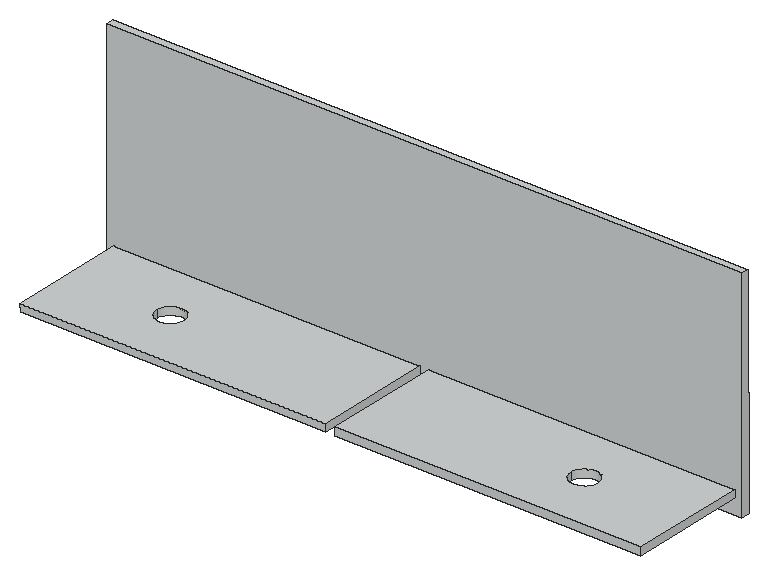
Revit family "Specialty_Equipment-Metal_Raceway-Hubbell_Wiring-Blank_End_Fitting-HBLALU5010B", category Specialty Equipment, host Face, Revit 2015
Parameters
  URL = "http://www.hubbell-wiring.com/"
  Product data url = "https://bimobject.com/hubbellwiring/product/hubbell-metal-raceway-alu5000"
  Product Page URL = "http://ecatalog.hubbell-wiring.com/ProductInformation/ViewCatalog.aspx?Dest=hubbell-wiring.com/press/catalog/r.pdf"
  Product Documentation Link = "http://www.hubbell-wiring.com/press/pdfs/h5233r08.pdf"
  Model = "HBLALU5010B"
  Manufacturer = "Hubbell Wiring Device Kellems"  # constant formula
  Host Note = "Add in Section View; Host to Wall"  # constant formula
  Description = "Blank End Fitting"  # constant formula
  Default Elevation = 0.00"
  Cable Tray Material = Metal-Hubbell-Aluminium
  B = 1.75"
  Assembly Code = "D5090900"
  A = 5.08"
Reference planes (in)
  plane 1 "Outside": y = 0
  plane 2 "Wall": z = 0
  plane 3 "Left": x = -0.165
  plane 4 "Right": x = 4.915
  plane 5 "Center": x = 2.375
  plane 6 "Edge of Top": y = -0.0625
  plane 7 "Edge Of Base": y = -1.34715
  plane 8: z = 0.12
  plane 9: z = 1.44937
  plane 10: z = 1.75
  plane 11: z = 0.18
  plane 12: x = -0.105
  plane 13: x = 4.855
  plane 14: y = -1
  plane 15: y = -0.53
  plane 16: x = 0.72
  plane 17: x = 4.03
Forms (in)
  Extrusion 1, solid, material "Metal-Hubbell-Aluminium" <- "Cable Tray Material"
    sketch origin (0, 0, 0) x (1, 0, 0) y (0, 0, 1)
      loop
        line (-0.165, 0) -> (4.915, 0) -> (4.915, 1.75) -> (-0.165, 1.75) -> (-0.165, 0)
    from 0 to 0.0625
  Extrusion 2, solid, material "Metal-Hubbell-Aluminium" <- "Cable Tray Material"
    sketch origin (0, 0, 0) x (1, 0, 0) y (0, 0, 1)
      loop
        line (-0.105, 0.12) -> (4.855, 0.12) -> (4.855, 0.18) -> (-0.105, 0.18) -> (-0.105, 0.12)
    from 0 to 1
  Extrusion 3, void, detail levels medium+fine
    sketch origin (-1.655, 0, 0) x (1, 0, 0) y (0, 1, 0)
      loop
        circle (2.375, -0.53) r 0.11
    from 0.12 to 0.18
  Extrusion 4, void, detail levels medium+fine
    sketch origin (6.405, 0, 0) x (-1, 0, 0) y (0, -1, 0)
      loop
        circle (2.375, 0.53) r 0.11
    from 0.12 to 0.18
  Extrusion 5, void
    sketch origin (0, 0, 0) x (1, 0, 0) y (0, 1, 0)
      loop
        line (2.3393, -0.0625) -> (2.3393, -1) -> (2.4107, -1) -> (2.4107, -0.0625) -> (2.3393, -0.0625)
    from 0.12 to 0.18
Cuts and joins
  Extrusion 4, Extrusion 5 cuts Extrusion 1
  Extrusion 3, Extrusion 4, Extrusion 5 cuts Extrusion 2
  joined: Extrusion 1, Extrusion 2
Lines and regions (in)
  reference lines
    curve 1: line (-0.165, 0, 1.75) -> (4.915, 0, 1.75)
    curve 2: line (-0.165, 0, 0) -> (-0.165, 0, 1.75)
    curve 3: line (4.915, 0, 0) -> (-0.165, 0, 0)
    curve 4: line (4.915, 0, 1.75) -> (4.915, 0, 0)
    curve 5: line (-0.105, 0, 0.18) -> (4.855, 0, 0.18)
    curve 6: line (-0.105, 0, 0.12) -> (-0.105, 0, 0.18)
    curve 7: line (4.855, 0, 0.12) -> (-0.105, 0, 0.12)
    curve 8: line (4.855, 0, 0.18) -> (4.855, 0, 0.12)
  symbolic lines
    curve 9: line (4.915, 0, 1.75) -> (-0.165, 0, 1.75)
    curve 10: line (-0.165, 0, 1.75) -> (-0.165, 0, 0)
    curve 11: line (-0.165, 0, 0) -> (4.915, 0, 0)
    curve 12: line (4.915, 0, 0) -> (4.915, 0, 1.75)
    curve 15: line (-0.165, 0, 0) -> (-0.165, 0, 1.75)
    curve 16: line (-0.165, -0.0625, 1.75) -> (-0.165, -0.0625, 0)
    curve 17: line (-0.165, 0, 1.75) -> (-0.165, -0.0625, 1.75)
    curve 18: line (-0.165, -0.0625, 0) -> (-0.165, 0, 0)
    curve 19: line (-0.165, -1, 0.12) -> (-0.165, 0, 0.12)
    curve 20: line (-0.165, 0, 0.18) -> (-0.165, -1, 0.18)
    curve 21: line (-0.165, -1, 0.18) -> (-0.165, -1, 0.12)
  symbolic lines, detail levels fine
    curve 13: line (-0.105, 0, 0.18) -> (-0.105, 0, 0.12)
    curve 14: line (4.855, 0, 0.12) -> (4.855, 0, 0.18)
    curve 33: line (-0.105, 0, 0.12) -> (4.855, 0, 0.12)
    curve 38: arc (0.83, -0.53, 0) -> (0.72, -0.42, 0) -> (0.61, -0.53, 0) r 0.11
    curve 39: arc (0.61, -0.53, 0) -> (0.72, -0.64, 0) -> (0.83, -0.53, 0) r 0.11
    curve 40: line (2.3393, -0.0625, 0) -> (2.3393, -1, 0)
    curve 41: line (2.4107, -1, 0) -> (2.4107, -0.0625, 0)
    curve 42: arc (3.92, -0.53, 0) -> (4.03, -0.64, 0) -> (4.14, -0.53, 0) r 0.11
    curve 43: arc (4.14, -0.53, 0) -> (4.03, -0.42, 0) -> (3.92, -0.53, 0) r 0.11
  symbolic lines, style "Symbolic lines"
    curve 22: line (4.915, 0, 0) -> (-0.165, 0, 0)
    curve 23: line (-0.165, -0.0625, 0) -> (4.915, -0.0625, 0)
    curve 24: line (-0.165, 0, 0) -> (-0.165, -0.0625, 0)
    curve 25: line (4.915, -0.0625, 0) -> (4.915, 0, 0)
    curve 26: line (4.855, -1, 0) -> (4.855, 0, 0)
    curve 27: line (-0.105, -1, 0) -> (4.855, -1, 0)
    curve 28: line (-0.105, 0, 0) -> (-0.105, -1, 0)
    curve 36: line (2.3393, -0.0625, 0) -> (2.3393, -1, 0)
    curve 37: line (2.4107, -1, 0) -> (2.4107, -0.0625, 0)
  symbolic lines, style "Symbolic lines", detail levels medium+fine
    curve 29: circle (0.72, -0.53, 0) r 0.11 normal (0, 0, 1)
    curve 30: circle (4.03, -0.53, 0) r 0.11 normal (0, 0, -1)
  symbolic lines, detail levels medium+fine
    curve 31: line (-0.105, 0, 0.18) -> (-0.105, 0, 0.12)
    curve 32: line (4.855, 0, 0.18) -> (-0.105, 0, 0.18)
    curve 34: line (-0.105, 0, 0.12) -> (4.855, 0, 0.12)
    curve 35: line (4.855, 0, 0.12) -> (4.855, 0, 0.18)
Dimensions and locks (in)
  locked: plane 6 "Edge of Top" to plane 1 "Outside" at 0.0625
  plane 7 "Edge Of Base" to plane 6 "Edge of Top" to plane 1 "Outside" = 1.28465" locked, 0.0625" locked
  equal spacing: plane 4 "Right", plane 5 "Center", plane 3 "Left"
  "B": plane 10 to host face
  locked: plane 8 to host face at 0.12
  locked: plane 11 to plane 8 at 0.06
  locked: plane 12 to plane 3 "Left" at 0.06
  locked: plane 4 "Right" to plane 13 at 0.06
  plane 14 to plane 1 "Outside" = 1.00"
  locked: plane 1 "Outside" to plane 14 at 1
  locked: plane 15 to plane 14 at 0.47
  "A": plane 4 "Right" to plane 3 "Left"
  plane 16 to plane 17 = 3.31"
  locked: plane 16 to plane 5 "Center" at 1.655
  locked: plane 5 "Center" to plane 17 at 1.655
  equal spacing: Extrusion 5 sketch curve, plane 5 "Center", Extrusion 5 sketch curve
  locked: Extrusion 3 sketch curve to plane 16 at 0
  locked: Extrusion 3 sketch curve to plane 15 at 0
  locked: Extrusion 4 sketch curve to plane 17 at 0
  locked: Extrusion 4 sketch curve to plane 15 at 0
  level to plane 10 = 1.75"
  aligned and locked: plane 2 "Wall" to host face
  aligned and locked: level to host face
  aligned and locked: plane 10 to curve 1
  aligned and locked: plane 3 "Left" to curve 2
  aligned and locked: level to curve 3
  aligned and locked: curve 4 to plane 4 "Right"
  aligned and locked: Extrusion 1 sketch curve to curve 2
  aligned and locked: Extrusion 1 sketch curve to curve 1
  aligned and locked: Extrusion 1 sketch curve to curve 4
  aligned and locked: Extrusion 1 sketch curve to curve 3
  aligned and locked: curve 5 to plane 11
  aligned and locked: plane 8 to curve 7
  aligned and locked: curve 8 to plane 13
  aligned and locked: plane 12 to curve 6
  aligned and locked: Extrusion 2 sketch curve to curve 6
  aligned and locked: Extrusion 2 sketch curve to curve 5
  aligned and locked: Extrusion 2 sketch curve to curve 7
  aligned and locked: Extrusion 2 sketch curve to curve 8
  aligned and locked: Extrusion 1 to plane 6 "Edge of Top"
  aligned and locked: Extrusion 2 to plane 14
  aligned and locked: curve 9 to Extrusion 1
  aligned and locked: curve 10 to Extrusion 1
  aligned and locked: curve 11 to Extrusion 1
  aligned and locked: curve 12 to Extrusion 1
  aligned and locked: curve 13 to Extrusion 2
  aligned and locked: curve 14 to Extrusion 2
  aligned and locked: curve 15 to Extrusion 1
  aligned and locked: curve 16 to Extrusion 1
  aligned and locked: curve 17 to Extrusion 1
  aligned and locked: curve 18 to Extrusion 1
  aligned and locked: curve 19 to Extrusion 2
  aligned and locked: curve 20 to Extrusion 2
  aligned and locked: curve 22 to Extrusion 1
  aligned and locked: curve 23 to Extrusion 1
  aligned and locked: curve 24 to Extrusion 1
  aligned and locked: curve 25 to Extrusion 1
  aligned and locked: curve 26 to Extrusion 2
  aligned and locked: curve 27 to Extrusion 2
  aligned and locked: curve 28 to Extrusion 2
  aligned and locked: Extrusion 3 to plane 8
  aligned and locked: plane 11 to Extrusion 3
  aligned and locked: curve 29 to cut or joined group of Extrusion 1, Extrusion 2, Extrusion 3, Extrusion 4, Extrusion 5
  aligned and locked: curve 32 to cut or joined group of Extrusion 1, Extrusion 2, Extrusion 3, Extrusion 4, Extrusion 5
  aligned and locked: curve 33 to cut or joined group of Extrusion 1, Extrusion 2, Extrusion 3, Extrusion 4, Extrusion 5
  aligned and locked: cut or joined group of Extrusion 1, Extrusion 2, Extrusion 3, Extrusion 4, Extrusion 5 to Extrusion 5 sketch curve
  aligned and locked: Extrusion 5 sketch curve to cut or joined group of Extrusion 1, Extrusion 2, Extrusion 3, Extrusion 4, Extrusion 5
  aligned and locked: Extrusion 2 to Extrusion 5  (x2)
  aligned and locked: curve 36 to cut or joined group of Extrusion 1, Extrusion 2, Extrusion 3, Extrusion 4, Extrusion 5
  aligned and locked: curve 37 to cut or joined group of Extrusion 1, Extrusion 2, Extrusion 3, Extrusion 4, Extrusion 5
  aligned and locked: curve 38 to cut or joined group of Extrusion 1, Extrusion 2, Extrusion 3, Extrusion 4, Extrusion 5
  aligned and locked: curve 39 to cut or joined group of Extrusion 1, Extrusion 2, Extrusion 3, Extrusion 4, Extrusion 5
  aligned and locked: curve 40 to cut or joined group of Extrusion 1, Extrusion 2, Extrusion 3, Extrusion 4, Extrusion 5
  aligned and locked: curve 41 to cut or joined group of Extrusion 1, Extrusion 2, Extrusion 3, Extrusion 4, Extrusion 5
  aligned and locked: curve 42 to cut or joined group of Extrusion 1, Extrusion 2, Extrusion 3, Extrusion 4, Extrusion 5
  aligned and locked: curve 43 to cut or joined group of Extrusion 1, Extrusion 2, Extrusion 3, Extrusion 4, Extrusion 5
Automatic sketch dimensions
  host sketch curve to host sketch curve = 19.13682"
  host sketch curve to host sketch curve = 19.57141"
  curve 21 to plane 14 = 0.00"
  Extrusion 5 sketch curve to plane 5 "Center" = 0.0357"
  curve 30 to plane 15 = 0.00"
  curve 30 to plane 17 = 0.00"
  radius of Extrusion 3 sketch curve = 0.11"
  radius of Extrusion 4 sketch curve = 0.11"
  radius of curve 30 = 0.11"
